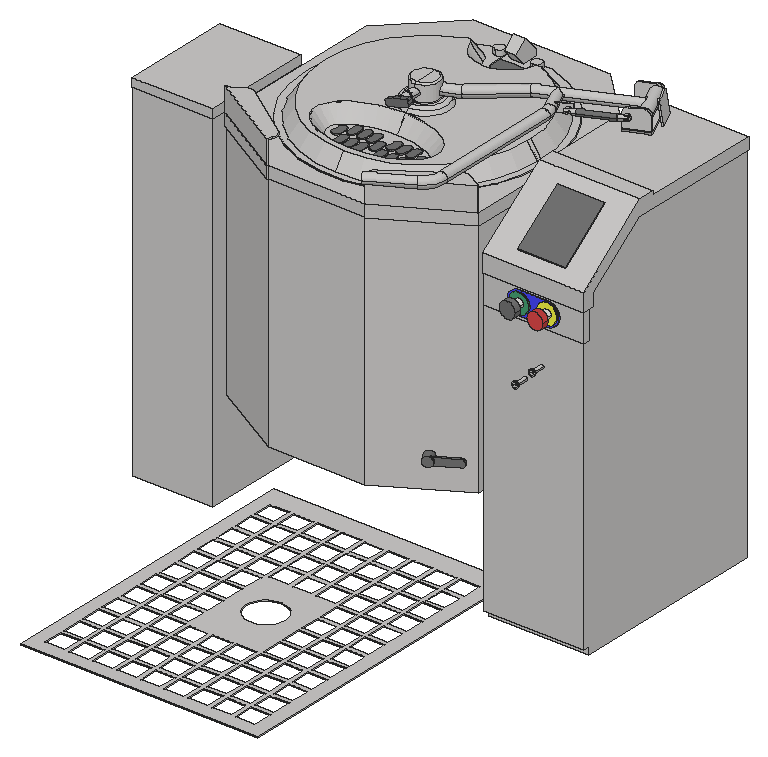
Revit family "QF_DIETATEC_CELER_60_180516035125", category Specialty Equipment, Revit 2015 (continued)
Definition of nested family "QF_Dietatec_CELER_60_FL"
  Lines and regions (mm)
    symbolic lines
      curve 163: line (383.5, -1234.5, 0) -> (433.5, -1234.5, 0)
      curve 164: line (383.5, -1184.5, 0) -> (383.5, -1234.5, 0)
      curve 165: line (433.5, -1184.5, 0) -> (383.5, -1184.5, 0)
      curve 166: line (433.5, -1234.5, 0) -> (433.5, -1184.5, 0)
      curve 167: line (443.5, -1234.5, 0) -> (493.5, -1234.5, 0)
      curve 168: line (443.5, -1184.5, 0) -> (443.5, -1234.5, 0)
      curve 169: line (493.5, -1184.5, 0) -> (443.5, -1184.5, 0)
      curve 170: line (493.5, -1234.5, 0) -> (493.5, -1184.5, 0)
      curve 171: line (503.5, -1234.5, 0) -> (553.5, -1234.5, 0)
      curve 172: line (503.5, -1184.5, 0) -> (503.5, -1234.5, 0)
      curve 173: line (553.5, -1184.5, 0) -> (503.5, -1184.5, 0)
      curve 174: line (553.5, -1234.5, 0) -> (553.5, -1184.5, 0)
      curve 175: line (563.5, -1234.5, 0) -> (613.5, -1234.5, 0)
      curve 176: line (563.5, -1184.5, 0) -> (563.5, -1234.5, 0)
      curve 177: line (613.5, -1184.5, 0) -> (563.5, -1184.5, 0)
      curve 178: line (613.5, -1234.5, 0) -> (613.5, -1184.5, 0)
      curve 179: line (83.5, -1174.5, 0) -> (133.5, -1174.5, 0)
      curve 180: line (83.5, -1124.5, 0) -> (83.5, -1174.5, 0)
      curve 181: line (133.5, -1124.5, 0) -> (83.5, -1124.5, 0)
      curve 182: line (133.5, -1174.5, 0) -> (133.5, -1124.5, 0)
      curve 183: line (143.5, -1174.5, 0) -> (193.5, -1174.5, 0)
      curve 184: line (143.5, -1124.5, 0) -> (143.5, -1174.5, 0)
      curve 185: line (193.5, -1124.5, 0) -> (143.5, -1124.5, 0)
      curve 186: line (193.5, -1174.5, 0) -> (193.5, -1124.5, 0)
      curve 187: line (203.5, -1174.5, 0) -> (253.5, -1174.5, 0)
      curve 188: line (203.5, -1124.5, 0) -> (203.5, -1174.5, 0)
      curve 189: line (253.5, -1124.5, 0) -> (203.5, -1124.5, 0)
      curve 190: line (253.5, -1174.5, 0) -> (253.5, -1124.5, 0)
      curve 191: line (263.5, -1174.5, 0) -> (313.5, -1174.5, 0)
      curve 192: line (263.5, -1124.5, 0) -> (263.5, -1174.5, 0)
      curve 193: line (313.5, -1124.5, 0) -> (263.5, -1124.5, 0)
      curve 194: line (313.5, -1174.5, 0) -> (313.5, -1124.5, 0)
      curve 195: line (323.5, -1174.5, 0) -> (373.5, -1174.5, 0)
      curve 196: line (323.5, -1124.5, 0) -> (323.5, -1174.5, 0)
      curve 197: line (373.5, -1124.5, 0) -> (323.5, -1124.5, 0)
      curve 198: line (373.5, -1174.5, 0) -> (373.5, -1124.5, 0)
      curve 199: line (383.5, -1174.5, 0) -> (433.5, -1174.5, 0)
      curve 200: line (383.5, -1124.5, 0) -> (383.5, -1174.5, 0)
      curve 201: line (433.5, -1124.5, 0) -> (383.5, -1124.5, 0)
      curve 202: line (433.5, -1174.5, 0) -> (433.5, -1124.5, 0)
      curve 203: line (443.5, -1174.5, 0) -> (493.5, -1174.5, 0)
      curve 204: line (443.5, -1124.5, 0) -> (443.5, -1174.5, 0)
      curve 205: line (493.5, -1124.5, 0) -> (443.5, -1124.5, 0)
      curve 206: line (493.5, -1174.5, 0) -> (493.5, -1124.5, 0)
      curve 207: line (503.5, -1174.5, 0) -> (553.5, -1174.5, 0)
      curve 208: line (503.5, -1124.5, 0) -> (503.5, -1174.5, 0)
      curve 209: line (553.5, -1124.5, 0) -> (503.5, -1124.5, 0)
      curve 210: line (553.5, -1174.5, 0) -> (553.5, -1124.5, 0)
      curve 211: line (563.5, -1174.5, 0) -> (613.5, -1174.5, 0)
      curve 212: line (563.5, -1124.5, 0) -> (563.5, -1174.5, 0)
      curve 213: line (613.5, -1124.5, 0) -> (563.5, -1124.5, 0)
      curve 214: line (613.5, -1174.5, 0) -> (613.5, -1124.5, 0)
      curve 215: line (83.5, -1114.5, 0) -> (133.5, -1114.5, 0)
      curve 216: line (83.5, -1064.5, 0) -> (83.5, -1114.5, 0)
      curve 217: line (133.5, -1064.5, 0) -> (83.5, -1064.5, 0)
      curve 218: line (133.5, -1114.5, 0) -> (133.5, -1064.5, 0)
      curve 219: line (143.5, -1114.5, 0) -> (193.5, -1114.5, 0)
      curve 220: line (143.5, -1064.5, 0) -> (143.5, -1114.5, 0)
      curve 221: line (193.5, -1064.5, 0) -> (143.5, -1064.5, 0)
      curve 222: line (193.5, -1114.5, 0) -> (193.5, -1064.5, 0)
      curve 223: line (203.5, -1114.5, 0) -> (253.5, -1114.5, 0)
      curve 224: line (203.5, -1064.5, 0) -> (203.5, -1114.5, 0)
      curve 225: line (253.5, -1064.5, 0) -> (203.5, -1064.5, 0)
      curve 226: line (253.5, -1114.5, 0) -> (253.5, -1064.5, 0)
      curve 227: line (263.5, -1114.5, 0) -> (313.5, -1114.5, 0)
      curve 228: line (263.5, -1064.5, 0) -> (263.5, -1114.5, 0)
      curve 229: line (313.5, -1064.5, 0) -> (263.5, -1064.5, 0)
      curve 230: line (313.5, -1114.5, 0) -> (313.5, -1064.5, 0)
      curve 231: line (323.5, -1114.5, 0) -> (373.5, -1114.5, 0)
      curve 232: line (323.5, -1064.5, 0) -> (323.5, -1114.5, 0)
      curve 233: line (373.5, -1064.5, 0) -> (323.5, -1064.5, 0)
      curve 234: line (373.5, -1114.5, 0) -> (373.5, -1064.5, 0)
      curve 235: line (383.5, -1114.5, 0) -> (433.5, -1114.5, 0)
      curve 236: line (383.5, -1064.5, 0) -> (383.5, -1114.5, 0)
      curve 237: line (433.5, -1064.5, 0) -> (383.5, -1064.5, 0)
      curve 238: line (433.5, -1114.5, 0) -> (433.5, -1064.5, 0)
      curve 239: line (443.5, -1114.5, 0) -> (493.5, -1114.5, 0)
      curve 240: line (443.5, -1064.5, 0) -> (443.5, -1114.5, 0)
      curve 241: line (493.5, -1064.5, 0) -> (443.5, -1064.5, 0)
      curve 242: line (493.5, -1114.5, 0) -> (493.5, -1064.5, 0)
      curve 243: line (503.5, -1114.5, 0) -> (553.5, -1114.5, 0)
      curve 244: line (503.5, -1064.5, 0) -> (503.5, -1114.5, 0)
      curve 245: line (553.5, -1064.5, 0) -> (503.5, -1064.5, 0)
      curve 246: line (553.5, -1114.5, 0) -> (553.5, -1064.5, 0)
      curve 247: line (563.5, -1114.5, 0) -> (613.5, -1114.5, 0)
      curve 248: line (563.5, -1064.5, 0) -> (563.5, -1114.5, 0)
      curve 249: line (613.5, -1064.5, 0) -> (563.5, -1064.5, 0)
      curve 250: line (613.5, -1114.5, 0) -> (613.5, -1064.5, 0)
      curve 251: line (83.5, -1054.5, 0) -> (133.5, -1054.5, 0)
      curve 252: line (83.5, -1004.5, 0) -> (83.5, -1054.5, 0)
      curve 253: line (133.5, -1004.5, 0) -> (83.5, -1004.5, 0)
      curve 254: line (133.5, -1054.5, 0) -> (133.5, -1004.5, 0)
      curve 255: line (143.5, -1054.5, 0) -> (193.5, -1054.5, 0)
      curve 256: line (143.5, -1004.5, 0) -> (143.5, -1054.5, 0)
      curve 257: line (193.5, -1004.5, 0) -> (143.5, -1004.5, 0)
      curve 258: line (193.5, -1054.5, 0) -> (193.5, -1004.5, 0)
      curve 259: line (203.5, -1054.5, 0) -> (253.5, -1054.5, 0)
      curve 260: line (203.5, -1004.5, 0) -> (203.5, -1054.5, 0)
      curve 261: line (253.5, -1004.5, 0) -> (203.5, -1004.5, 0)
      curve 262: line (253.5, -1054.5, 0) -> (253.5, -1004.5, 0)
      curve 263: line (263.5, -1054.5, 0) -> (313.5, -1054.5, 0)
      curve 264: line (263.5, -1004.5, 0) -> (263.5, -1054.5, 0)
      curve 265: line (313.5, -1004.5, 0) -> (263.5, -1004.5, 0)
      curve 266: line (313.5, -1054.5, 0) -> (313.5, -1004.5, 0)
      curve 267: line (323.5, -1054.5, 0) -> (373.5, -1054.5, 0)
      curve 268: line (323.5, -1004.5, 0) -> (323.5, -1054.5, 0)
      curve 269: line (373.5, -1004.5, 0) -> (323.5, -1004.5, 0)
      curve 270: line (373.5, -1054.5, 0) -> (373.5, -1004.5, 0)
      curve 271: line (383.5, -1054.5, 0) -> (433.5, -1054.5, 0)
      curve 272: line (383.5, -1004.5, 0) -> (383.5, -1054.5, 0)
      curve 273: line (433.5, -1004.5, 0) -> (383.5, -1004.5, 0)
      curve 274: line (433.5, -1054.5, 0) -> (433.5, -1004.5, 0)
      curve 275: line (443.5, -1054.5, 0) -> (493.5, -1054.5, 0)
      curve 276: line (443.5, -1004.5, 0) -> (443.5, -1054.5, 0)
      curve 277: line (493.5, -1004.5, 0) -> (443.5, -1004.5, 0)
      curve 278: line (493.5, -1054.5, 0) -> (493.5, -1004.5, 0)
      curve 279: line (503.5, -1054.5, 0) -> (553.5, -1054.5, 0)
      curve 280: line (503.5, -1004.5, 0) -> (503.5, -1054.5, 0)
      curve 281: line (553.5, -1004.5, 0) -> (503.5, -1004.5, 0)
      curve 282: line (553.5, -1054.5, 0) -> (553.5, -1004.5, 0)
      curve 283: line (563.5, -1054.5, 0) -> (613.5, -1054.5, 0)
      curve 284: line (563.5, -1004.5, 0) -> (563.5, -1054.5, 0)
      curve 285: line (613.5, -1004.5, 0) -> (563.5, -1004.5, 0)
      curve 286: line (613.5, -1054.5, 0) -> (613.5, -1004.5, 0)
      curve 287: line (83.5, -994.5, 0) -> (133.5, -994.5, 0)
      curve 288: line (83.5, -944.5, 0) -> (83.5, -994.5, 0)
      curve 289: line (133.5, -944.5, 0) -> (83.5, -944.5, 0)
      curve 290: line (133.5, -994.5, 0) -> (133.5, -944.5, 0)
      curve 291: line (143.5, -994.5, 0) -> (193.5, -994.5, 0)
      curve 292: line (143.5, -944.5, 0) -> (143.5, -994.5, 0)
      curve 293: line (193.5, -944.5, 0) -> (143.5, -944.5, 0)
      curve 294: line (193.5, -994.5, 0) -> (193.5, -944.5, 0)
      curve 295: line (203.5, -994.5, 0) -> (253.5, -994.5, 0)
      curve 296: line (203.5, -944.5, 0) -> (203.5, -994.5, 0)
      curve 297: line (253.5, -944.5, 0) -> (203.5, -944.5, 0)
      curve 298: line (253.5, -994.5, 0) -> (253.5, -944.5, 0)
      curve 299: line (443.5, -994.5, 0) -> (493.5, -994.5, 0)
      curve 300: line (443.5, -944.5, 0) -> (443.5, -994.5, 0)
      curve 301: line (493.5, -944.5, 0) -> (443.5, -944.5, 0)
      curve 302: line (493.5, -994.5, 0) -> (493.5, -944.5, 0)
      curve 303: line (503.5, -994.5, 0) -> (553.5, -994.5, 0)
      curve 304: line (503.5, -944.5, 0) -> (503.5, -994.5, 0)
      curve 305: line (553.5, -944.5, 0) -> (503.5, -944.5, 0)
      curve 306: line (553.5, -994.5, 0) -> (553.5, -944.5, 0)
      curve 307: line (563.5, -994.5, 0) -> (613.5, -994.5, 0)
      curve 308: line (563.5, -944.5, 0) -> (563.5, -994.5, 0)
      curve 309: line (613.5, -944.5, 0) -> (563.5, -944.5, 0)
      curve 310: line (613.5, -994.5, 0) -> (613.5, -944.5, 0)
      curve 311: line (83.5, -934.5, 0) -> (133.5, -934.5, 0)
      curve 312: line (83.5, -884.5, 0) -> (83.5, -934.5, 0)
      curve 313: line (133.5, -884.5, 0) -> (83.5, -884.5, 0)
      curve 314: line (133.5, -934.5, 0) -> (133.5, -884.5, 0)
      curve 315: line (143.5, -934.5, 0) -> (193.5, -934.5, 0)
      curve 316: line (143.5, -884.5, 0) -> (143.5, -934.5, 0)
      curve 317: line (193.5, -884.5, 0) -> (143.5, -884.5, 0)
      curve 318: line (193.5, -934.5, 0) -> (193.5, -884.5, 0)
      curve 319: line (203.5, -934.5, 0) -> (253.5, -934.5, 0)
      curve 320: line (203.5, -884.5, 0) -> (203.5, -934.5, 0)
      curve 321: line (253.5, -884.5, 0) -> (203.5, -884.5, 0)
      curve 322: line (253.5, -934.5, 0) -> (253.5, -884.5, 0)
      curve 323: line (443.5, -934.5, 0) -> (493.5, -934.5, 0)
      curve 324: line (443.5, -884.5, 0) -> (443.5, -934.5, 0)
      curve 325: line (493.5, -884.5, 0) -> (443.5, -884.5, 0)
      curve 326: line (493.5, -934.5, 0) -> (493.5, -884.5, 0)
      curve 327: line (503.5, -934.5, 0) -> (553.5, -934.5, 0)
      curve 328: line (503.5, -884.5, 0) -> (503.5, -934.5, 0)
      curve 329: line (553.5, -884.5, 0) -> (503.5, -884.5, 0)
      curve 330: line (553.5, -934.5, 0) -> (553.5, -884.5, 0)
      curve 331: line (563.5, -934.5, 0) -> (613.5, -934.5, 0)
      curve 332: line (563.5, -884.5, 0) -> (563.5, -934.5, 0)
      curve 333: line (613.5, -884.5, 0) -> (563.5, -884.5, 0)
      curve 334: line (613.5, -934.5, 0) -> (613.5, -884.5, 0)
      curve 335: line (83.5, -874.5, 0) -> (133.5, -874.5, 0)
      curve 336: line (83.5, -824.5, 0) -> (83.5, -874.5, 0)
      curve 337: line (133.5, -824.5, 0) -> (83.5, -824.5, 0)
      curve 338: line (133.5, -874.5, 0) -> (133.5, -824.5, 0)
      curve 339: line (143.5, -874.5, 0) -> (193.5, -874.5, 0)
      curve 340: line (143.5, -824.5, 0) -> (143.5, -874.5, 0)
      curve 341: line (193.5, -824.5, 0) -> (143.5, -824.5, 0)
      curve 342: line (193.5, -874.5, 0) -> (193.5, -824.5, 0)
      curve 343: line (203.5, -874.5, 0) -> (253.5, -874.5, 0)
      curve 344: line (203.5, -824.5, 0) -> (203.5, -874.5, 0)
      curve 345: line (253.5, -824.5, 0) -> (203.5, -824.5, 0)
      curve 346: line (253.5, -874.5, 0) -> (253.5, -824.5, 0)
      curve 347: line (443.5, -874.5, 0) -> (493.5, -874.5, 0)
      curve 348: line (443.5, -824.5, 0) -> (443.5, -874.5, 0)
      curve 349: line (493.5, -824.5, 0) -> (443.5, -824.5, 0)
      curve 350: line (493.5, -874.5, 0) -> (493.5, -824.5, 0)
      curve 351: line (503.5, -874.5, 0) -> (553.5, -874.5, 0)
      curve 352: line (503.5, -824.5, 0) -> (503.5, -874.5, 0)
      curve 353: line (553.5, -824.5, 0) -> (503.5, -824.5, 0)
      curve 354: line (553.5, -874.5, 0) -> (553.5, -824.5, 0)
      curve 355: line (563.5, -874.5, 0) -> (613.5, -874.5, 0)
      curve 356: line (563.5, -824.5, 0) -> (563.5, -874.5, 0)
      curve 357: line (613.5, -824.5, 0) -> (563.5, -824.5, 0)
      curve 358: line (613.5, -874.5, 0) -> (613.5, -824.5, 0)
      curve 359: line (83.5, -814.5, 0) -> (133.5, -814.5, 0)
      curve 360: line (83.5, -764.5, 0) -> (83.5, -814.5, 0)
      curve 361: line (133.5, -764.5, 0) -> (83.5, -764.5, 0)
      curve 362: line (133.5, -814.5, 0) -> (133.5, -764.5, 0)
      curve 363: line (143.5, -814.5, 0) -> (193.5, -814.5, 0)
      curve 364: line (143.5, -764.5, 0) -> (143.5, -814.5, 0)
      curve 365: line (193.5, -764.5, 0) -> (143.5, -764.5, 0)
      curve 366: line (193.5, -814.5, 0) -> (193.5, -764.5, 0)
      curve 367: line (203.5, -814.5, 0) -> (253.5, -814.5, 0)
      curve 368: line (203.5, -764.5, 0) -> (203.5, -814.5, 0)
      curve 369: line (253.5, -764.5, 0) -> (203.5, -764.5, 0)
      curve 370: line (253.5, -814.5, 0) -> (253.5, -764.5, 0)
      curve 371: line (443.5, -814.5, 0) -> (493.5, -814.5, 0)
      curve 372: line (443.5, -764.5, 0) -> (443.5, -814.5, 0)
      curve 373: line (493.5, -764.5, 0) -> (443.5, -764.5, 0)
      curve 374: line (493.5, -814.5, 0) -> (493.5, -764.5, 0)
      curve 375: line (503.5, -814.5, 0) -> (553.5, -814.5, 0)
      curve 376: line (503.5, -764.5, 0) -> (503.5, -814.5, 0)
      curve 377: line (553.5, -764.5, 0) -> (520.361, -764.5, 0)
      curve 378: line (553.5, -814.5, 0) -> (553.5, -764.5, 0)
      curve 379: line (563.5, -814.5, 0) -> (613.5, -814.5, 0)
      curve 380: line (563.5, -764.5, 0) -> (563.5, -814.5, 0)
      curve 381: line (613.5, -764.5, 0) -> (563.5, -764.5, 0)
      curve 382: line (613.5, -814.5, 0) -> (613.5, -764.5, 0)
      curve 383: line (83.5, -754.5, 0) -> (133.5, -754.5, 0)
      curve 384: line (83.5, -704.5, 0) -> (83.5, -754.5, 0)
      curve 385: line (133.5, -704.5, 0) -> (83.5, -704.5, 0)
      curve 386: line (133.5, -754.5, 0) -> (133.5, -704.5, 0)
      curve 387: line (143.5, -754.5, 0) -> (193.5, -754.5, 0)
      curve 388: line (143.5, -704.5, 0) -> (143.5, -754.5, 0)
      curve 389: line (193.5, -704.5, 0) -> (143.5, -704.5, 0)
      curve 390: line (193.5, -754.5, 0) -> (193.5, -704.5, 0)
      curve 391: line (203.5, -754.5, 0) -> (253.5, -754.5, 0)
      curve 392: line (203.5, -704.5, 0) -> (203.5, -754.5, 0)
      curve 393: line (211.034, -704.5, 0) -> (203.5, -704.5, 0)
      curve 394: line (253.5, -754.5, 0) -> (253.5, -710, 0)
      curve 395: line (263.5, -754.5, 0) -> (313.5, -754.5, 0)
      curve 396: line (263.5, -710, 0) -> (263.5, -754.5, 0)
      curve 397: line (313.5, -754.5, 0) -> (313.5, -710, 0)
      curve 398: line (323.5, -754.5, 0) -> (373.5, -754.5, 0)
      curve 399: line (323.5, -710, 0) -> (323.5, -754.5, 0)
      curve 400: line (373.5, -754.5, 0) -> (373.5, -710, 0)
      curve 401: line (383.5, -754.5, 0) -> (433.5, -754.5, 0)
      curve 402: line (383.5, -710, 0) -> (383.5, -754.5, 0)
      curve 403: line (433.5, -754.5, 0) -> (433.5, -710, 0)
      curve 404: line (443.5, -754.5, 0) -> (493.5, -754.5, 0)
      curve 405: line (443.5, -710, 0) -> (443.5, -754.5, 0)
      curve 406: line (493.5, -704.5, 0) -> (485.966, -704.5, 0)
      curve 407: line (493.5, -754.5, 0) -> (493.5, -704.5, 0)
      curve 408: line (537.681, -754.5, 0) -> (553.5, -754.5, 0)
      curve 409: line (503.5, -704.5, 0) -> (503.5, -745.367, 0)
      curve 410: line (553.5, -704.5, 0) -> (503.5, -704.5, 0)
      curve 411: line (553.5, -754.5, 0) -> (553.5, -745.367, 0)
      curve 412: line (563.5, -754.5, 0) -> (613.5, -754.5, 0)
      curve 413: line (563.5, -704.5, 0) -> (563.5, -710.726, 0)
      curve 414: line (574.284, -704.5, 0) -> (563.5, -704.5, 0)
      curve 415: line (613.5, -754.5, 0) -> (613.5, -710.225, 0)
      curve 416: line (83.5, -694.5, 0) -> (133.5, -694.5, 0)
      curve 417: line (83.5, -644.5, 0) -> (83.5, -694.5, 0)
      curve 418: line (107.111, -644.5, 0) -> (83.5, -644.5, 0)
      curve 419: line (133.5, -694.5, 0) -> (133.5, -659.736, 0)
      curve 420: line (143.5, -694.5, 0) -> (193.713, -694.5, 0)
      curve 421: line (143.5, -665.509, 0) -> (143.5, -694.5, 0)
      curve 422: line (503.287, -694.5, 0) -> (553.5, -694.5, 0)
      curve 423: line (553.5, -694.5, 0) -> (553.5, -665.509, 0)
      curve 424: line (563.5, -694.5, 0) -> (591.604, -694.5, 0)
      curve 425: line (563.5, -659.736, 0) -> (563.5, -694.5, 0)
      curve 426: line (613.5, -644.5, 0) -> (595.852, -644.5, 0)
      curve 427: line (1.5, -526, 0) -> (0, -526, 0)
      curve 428: line (1.5, -526, 0) -> (1.5, -519.5, 0)
      curve 429: line (1.5, -519.5, 0) -> (10, -519.5, 0)
      curve 430: line (10, -519.5, 0) -> (10, -520.45, 0)
      curve 431: line (10, -520.45, 0) -> (24.65, -520.45, 0)
      curve 432: line (24.65, -520.45, 0) -> (24.65, -521.381, 0)
      curve 433: arc (24.65, -521.381, 0) -> (25.866, -521.401, 0) -> (27, -521.838, 0) r 3.478
      curve 434: line (695.5, -426, 0) -> (697, -426, 0)
      curve 435: line (695.5, -426, 0) -> (695.5, -432.5, 0)
      curve 436: line (695.5, -432.5, 0) -> (687, -432.5, 0)
      curve 437: line (687, -432.5, 0) -> (687, -431.55, 0)
      curve 438: line (687, -431.55, 0) -> (672.35, -431.55, 0)
      curve 439: line (672.35, -431.55, 0) -> (672.35, -430.619, 0)
      curve 440: arc (672.35, -430.619, 0) -> (671.134, -430.599, 0) -> (670, -430.162, 0) r 3.478
      curve 441: line (687, -432.5, 0) -> (687, -519.5, 0)
      curve 442: line (695.5, -526, 0) -> (697, -526, 0)
      curve 443: line (695.5, -526, 0) -> (695.5, -519.5, 0)
      curve 444: line (695.5, -519.5, 0) -> (687, -519.5, 0)
      curve 445: line (687, -519.5, 0) -> (687, -520.45, 0)
      curve 446: line (687, -520.45, 0) -> (672.35, -520.45, 0)
      curve 447: line (672.35, -520.45, 0) -> (672.35, -521.381, 0)
      curve 448: arc (672.35, -521.381, 0) -> (671.134, -521.401, 0) -> (670, -521.838, 0) r 3.478
      curve 449: line (553.5, -716.5, 0) -> (553.5, -704.5, 0)
      curve 450: line (563.5, -739.594, 0) -> (563.5, -754.5, 0)
      curve 451: line (507.678, -764.5, 0) -> (503.5, -764.5, 0)
      curve 452: arc (613.294, -660.286, 0) -> (608.26, -679.072, 0) -> (594.508, -692.823, 0) r 37.57
      curve 453: arc (607.378, -714.261, 0) -> (630.043, -691.595, 0) -> (638.34, -660.633, 0) r 61.924
      curve 454: arc (638.34, -336.112, 0) -> (636.849, -322.498, 0) -> (632.446, -309.528, 0) r 62.903
      curve 455: arc (609.948, -320.436, 0) -> (612.447, -327.799, 0) -> (613.294, -335.528, 0) r 35.711
      curve 456: line (655.004, -281.002, 0) -> (625.549, -294.737, 0)
      curve 457: line (626.817, -297.456, 0) -> (656.272, -283.721, 0)
      curve 458: line (656.272, -283.721, 0) -> (655.004, -281.002, 0)
      curve 459: line (640.514, -276.449, 0) -> (644.139, -274.759, 0)
      curve 460: line (653.665, -288.089, 0) -> (644.602, -292.316, 0)
      curve 461: line (653.34, -305.494, 0) -> (658.144, -303.255, 0)
      curve 462: line (666.354, -282.765, 0) -> (672.693, -296.36, 0)
      curve 463: line (740.671, -248.111, 0) -> (747.01, -261.705, 0)
      curve 464: line (640.514, -276.449, 0) -> (640.03, -277.778, 0)
      curve 465: line (640.03, -277.778, 0) -> (643.939, -286.162, 0)
      curve 466: line (644.602, -292.316, 0) -> (643.394, -289.726, 0)
      curve 467: line (644.139, -274.759, 0) -> (645.468, -275.243, 0)
      curve 468: line (645.468, -275.243, 0) -> (649.377, -283.626, 0)
      curve 469: line (653.665, -288.089, 0) -> (652.458, -285.5, 0)
      curve 470: line (653.34, -305.494, 0) -> (652.03, -302.685, 0)
      curve 471: line (648.187, -294.547, 0) -> (646.412, -291.472, 0)
      curve 472: line (658.144, -303.255, 0) -> (656.834, -300.445, 0)
      curve 473: line (653.07, -292.27, 0) -> (651.855, -288.933, 0)
      curve 474: line (644.634, -296.204, 0) -> (667.622, -285.484, 0)
      curve 475: line (648.437, -304.36, 0) -> (671.425, -293.641, 0)
      curve 476: arc (644.634, -296.204, 0) -> (645.287, -300.864, 0) -> (648.437, -304.36, 0) r 8.039
      curve 477: line (666.354, -282.765, 0) -> (740.671, -248.111, 0)
      curve 478: line (672.693, -296.36, 0) -> (747.01, -261.705, 0)
      curve 479: line (764.924, -240.112, 0) -> (741.939, -250.829, 0)
      curve 480: line (768.727, -248.268, 0) -> (745.743, -258.986, 0)
      curve 481: arc (764.924, -240.112, 0) -> (768.071, -243.609, 0) -> (768.727, -248.268, 0) r 8.055
      curve 482: line (761.644, -254.992, 0) -> (766.448, -252.752, 0)
      curve 483: line (766.448, -252.752, 0) -> (765.138, -249.942, 0)
      curve 484: line (761.374, -241.767, 0) -> (760.159, -238.43, 0)
      curve 485: line (761.644, -254.992, 0) -> (760.334, -252.182, 0)
      curve 486: line (756.491, -244.044, 0) -> (754.716, -240.969, 0)
      curve 487: line (752.906, -241.813, 0) -> (761.969, -237.586, 0)
      curve 488: line (761.969, -237.586, 0) -> (760.656, -234.77, 0)
      curve 489: line (752.906, -241.813, 0) -> (751.593, -238.996, 0)
      curve 490: line (748.334, -227.276, 0) -> (748.818, -225.947, 0)
      curve 491: line (748.818, -225.947, 0) -> (752.443, -224.256, 0)
      curve 492: line (752.443, -224.256, 0) -> (753.772, -224.74, 0)
      curve 493: line (753.772, -224.74, 0) -> (757.153, -231.99, 0)
      curve 494: line (748.334, -227.276, 0) -> (751.715, -234.526, 0)
      curve 495: line (613.294, -651.772, 0) -> (603.362, -657.506, 0)
      curve 496: line (638.34, -643.085, 0) -> (648.5, -637.219, 0)
      curve 497: line (638.34, -616.527, 0) -> (648.5, -610.661, 0)
      curve 498: arc (638.34, -443.415, 0) -> (645.949, -405.039, 0) -> (648.5, -366, 0) r 300
      curve 499: arc (579.884, -244.312, 0) -> (524.124, -168.466, 0) -> (444.788, -117.796, 0) r 256.929
      curve 500: arc (620.853, -225.207, 0) -> (542.845, -122.461, 0) -> (428.9, -61.974, 0) r 300
      curve 501: line (727.182, -203.21, 0) -> (745.248, -241.955, 0)
      curve 502: arc (415.5, -60.145, 0) -> (422.262, -60.605, 0) -> (428.9, -61.974, 0) r 50
      curve 503: arc (406.018, -352.971, 0) -> (397.26, -399.174, 0) -> (357.5, -424.284, 0) r 58.975
      curve 504: arc (333.5, -88.405, 0) -> (323.7, -89.108, 0) -> (313.931, -90.158, 0) r 278
  Dimensions and locks
    plane 3 "Left" to plane 4 "Right" = 950.5 mm
    plane 5 "Front" to plane 1 "Back" = 769.992 mm
    Extrusion 41 to Extrusion 41 = 1153.5 mm
    aligned and locked: level to plane 2
  Connectors
    electrical at (803.5, -97.5, 120), driven by "Apparent Power", driven by "Volts", driven by "Number of Poles"
      settings: on Extrusion 44, index 4, voltage 400 V, apparent load 0 VA, apparent load phase1 14500 VA, apparent load phase2 0 VA, apparent load phase3 0 VA, power factor 1, load classification none, number of poles 3, system type 31, power factor state 1, is connector primary yes, connector utility no, sub classification motor no, connector description "electrical connection"
    piping at (873.5, -97.5, 120), diameter 12.7, driven by "Cold Water Size", driven by "Cold Water Flow"
      settings: on Extrusion 43, index 5, connector inside diameter 609.6 mm, connector length 0 mm, flow factor 0, pipe flow 0.0 L/s, pressure drop 0.0 Pa, fitting loss kfactor 0, connector angle 0.00°, fixture units 0, engagement length 0 mm, angle of deflection 0.00°, flow configuration 1, flow direction 1, fitting loss method 0, system type 20, joint type 0, gender type 0, connector reference index -1, connector utility 0, adjustable connector no, is connector primary yes, connector description "water inlet"
Definition of nested family "QF_Dietatec_KETTLE_LEFT_LEG"
  Parameters (values of type "KETTLE_LEFT_LEG")
    Width [instance] = 0 mm
    Weight in Pounds = 0
    URL Cutsheet = "www.dietatec.com"
    URL = "www.dietatec.com"
    Status [instance] = ""
    Specification by User [instance] = ""
    Specification by Manufacturer = ""
    Show Logo [instance] = yes
    Show Clearance [instance] = yes
    Serial Number = ""
    Seismic Rating = ""
    SMACNA No = ""
    Revision Code [instance] = ""
    NAFEM Spec ID Number = ""
    Model = "KETTLE_LEFT_LEG"
    Masterspec = ""
    Manufacturer = "DIETATEC"
    ListPrice [instance] = 0
    Item Number [instance] = ""
    Installed By [instance] = ""
    Identify Quantity as Lot [instance] = no
    Height [instance] = 0 mm
    Furnished By [instance] = ""
    Foodservice Equipment Identifier [instance] = yes
    Description = "LEFT LEG OF C-CLASSIC AND CELER MODELS"
    Depth [instance] = 0 mm
    CSI MasterFormat = ""
    Assembly Code = "E1090320"
  Reference planes
    plane 1 "Back": y = 0
    plane 2: z = 0
    plane 3 "Left": x = 0
    plane 4 "Right": x = 1153.5
    plane 5 "Front": y = -770
    plane 6 "Top": z = 1000
  Forms (mm)
    Extrusion 1, solid
      sketch origin (-203, 0, 0) x (1, 0, 0) y (0, 1, 0)
        loop
          line (201.5, -326) -> (1.5, -326) -> (1.5, -601) -> (201.5, -601) -> (201.5, -326)
      from 0 to 880
    Extrusion 2, solid
      sketch origin (-1081.5, -472.5, -153) x (1, 0, 0) y (0, 0, 1)
        loop
          circle (930, 278) r 15
      from -150 to -146.5
    Extrusion 3, solid
      sketch origin (-981.5, -472.5, -153) x (1, 0, 0) y (0, 0, 1)
        loop
          circle (930, 278) r 15
      from -150 to -146.5
    Extrusion 4, solid
      sketch origin (-203, 0, 880) x (1, 0, 0) y (0, 1, 0)
        loop
          line (203, -324.5) -> (0, -324.5) -> (0, -602.5) -> (203, -602.5) -> (203, -324.5)
      from 0 to 21
  Lines and regions (mm)
    symbolic lines
      curve 1: line (0, -324.5, 0) -> (-203, -324.5, 0)
      curve 2: line (0, -602.5, 0) -> (0, -324.5, 0)
      curve 3: line (-203, -602.5, 0) -> (0, -602.5, 0)
      curve 4: line (-203, -324.5, 0) -> (-203, -602.5, 0)
  Dimensions and locks
    plane 3 "Left" to plane 4 "Right" = 1153.5 mm
    plane 5 "Front" to plane 1 "Back" = 770 mm
    aligned and locked: level to plane 2
